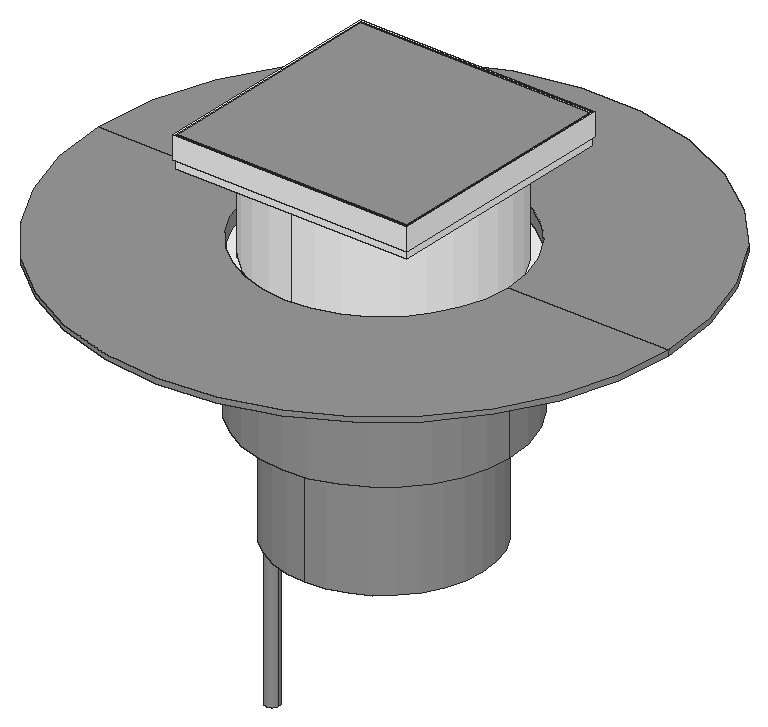
Revit family "HL_RU_Roof drain_HL62.1BF-B-221103", category Instalační zařizovací předměty, Revit 2021
Family settings
  Kóta kulaté spojky = Použít průměr
  Typ dílu = Normální
  Číslo OmniClass = 23.70.50.21.24.14
  Nadpis OmniClass = Deck Waste Water Drains
  Založené na pracovní rovině = Ne
  Vždy vertikální = Ano
  Ořezat dutým tvarem při načtení = Ne
  Sdílené = Ne
  Bod výpočtu místnosti = Ano
Parameters (values of type "HL_Кровельная воронка_HL62.1BF_2")
  РЕШЁТКА = "Edelstahl 137x137mm"
  РАЗМЕР = "DN125"
  ПРОПУСКНАЯ СПОСОБНОСТЬ [instance] = 0.0 L/s
  ПРОИЗВОДИТЕЛЬНОСТЬ = "6,0 l/s"
  ПРАВОВАЯ ИНФОРМАЦИЯ = "Авторские права(©), права на дизайн или какие либо другие права интелектуальной собственности являются исключительной собственностью компании HL Hutterer & Lechner. Изменению не подлежит. Файл семейства с данными о прозводителе изделия защищен паролем с водяным знаком."
  НОМИНАЛЬНЫЙ ДИАМЕТР = 125 mm
  НАСАДКА = "19-65mm/148x148mm"
  МАТЕРИАЛ = "PP"
  МАКСИМАЛЬНАЯ НАГРУЗКА КЛАССА = "K - 300 kg"
  ВЕС = "1,06 [kg]"
  Výchozí výška = 0 mm
  Výrobce = "HL Hutterer & Lechner GmbH"  # constant formula
  URL = "http://www.hutterer-lechner.com/ru/products/catalog/roof-drains/HL62.1BF/2.aspx"
  Материал плитка [instance] = none
  Přípoj ventilace = no
  Přípoj odpadních dílů = yes
  Přípoj HW = no
  Přípoj CW = no
  Popis = "Кровельные воронки"
  Model = "HL62.1BF_2"
  Assembly Code = " "
  Komentáře k typům = "HL62.1BF/2 Кровельная воронка DN125 для эксплуатируемой кровли, вертикальный выпуск, с ПП_фланцем и электрообогревом (10_30W/230V),"
  Keynote = "HL62.1BF_2"
  EAN = "9003076031887"
  Bысота монтажа [instance] = 65 mm  # constant formula
  G [instance] = 180.00°  # constant formula
  D [instance] = if(НОМИНАЛЬНЫЙ ДИАМЕТР = 75 mm, 116 mm, if(НОМИНАЛЬНЫЙ ДИАМЕТР = 110 mm, 60 mm, if(НОМИНАЛЬНЫЙ ДИАМЕТР = 125 mm, 67 mm, 0 mm))) + Bысота монтажа  # 132 mm
  C [instance] = if(Bысота монтажа - 68 mm < 0 mm, 0 mm, Bысота монтажа - 68 mm)  # 0 mm
  B [instance] = 100 mm  # constant formula
  A [instance] = if(B - 100 mm > 15 mm, B - 100 mm, 15 mm)  # 15 mm
Types (4, lengths in mm): name | РАЗМЕР | НОМИНАЛЬНЫЙ ДИАМЕТР | ВЕС | URL | Model | Komentáře k typům | Keynote | EAN | D
  (no name) | "DN75" | 75 | "1,14 [kg]" | "http://www.hutterer-lechner.com/ru/products/catalog/roof-drains/HL62.1BF/7.aspx" | "HL62.1BF_7" | "HL62.1BF/7 Кровельная воронка DN75 для эксплуатируемой кровли, вертикальный выпуск, с ПП_фланцем и электрообогревом (10_30W/230V)," | "HL62.1BF_7" | "9003076031849" | 181
  HL_Кровельная воронка_HL62.1BF_1 | "DN110" | 110 | "1,04 [kg]" | "http://www.hutterer-lechner.com/ru/products/catalog/roof-drains/HL62.1BF/1.aspx" | "HL62.1BF_1" | "HL62.1BF/1 Кровельная воронка DN110 для эксплуатируемой кровли, вертикальный выпуск, с ПП_фланцем и электрообогревом (10_30W/230V)," | "HL62.1BF_1" | "9003076031863" | 125
  HL_Кровельная воронка_HL62.1BF_2 | "DN125" | 125 | "1,06 [kg]" | "http://www.hutterer-lechner.com/ru/products/catalog/roof-drains/HL62.1BF/2.aspx" | "HL62.1BF_2" | "HL62.1BF/2 Кровельная воронка DN125 для эксплуатируемой кровли, вертикальный выпуск, с ПП_фланцем и электрообогревом (10_30W/230V)," | "HL62.1BF_2" | "9003076031887" | 132
  HL_Кровельная воронка_HL62.1BF_7 | "DN75" | 75 | "1,14 [kg]" | "http://www.hutterer-lechner.com/ru/products/catalog/roof-drains/HL62.1BF/7.aspx" | "HL62.1BF_7" | "HL62.1BF/7 Кровельная воронка DN75 для эксплуатируемой кровли, вертикальный выпуск, с ПП_фланцем и электрообогревом (10_30W/230V)," | "HL62.1BF_7" | "9003076031849" | 181
Reference planes
  plane 1 "Center (Front/Back)": y = 0
  plane 2: z = 0
  plane 3 "Center (Left/Right)": x = 0
  plane 4: z = -100
  plane 5: z = -65
Lines and regions (mm)
  model lines, style "InvisibleLines"
    curve 1: line (0, 0, 0) -> (0, 0, 20)
  model lines, style "PlumbingFixtures", detail levels coarse+medium
    curve 2: line (0, 0, -100) -> (0, 0, -85)
    curve 3: line (0, 0, -85) -> (-85, 0, 0)
    curve 4: line (0, 0, -85) -> (85, 0, 0)
    curve 6: line (0, 0, -100) -> (0, 0, -232)
  reference lines, not visible
    curve 5: line (0, 0, -100) -> (0, 0, -232)
  symbolic lines, style "PlumbingFixtures", detail levels coarse+medium
    curve 7: line (-75, 75, 0) -> (75, 75, 0)
    curve 8: line (-75, -75, 0) -> (-75, 75, 0)
    curve 9: line (75, -75, 0) -> (-75, -75, 0)
    curve 10: line (75, 75, 0) -> (75, -75, 0)
    curve 11: line (-75, 75, 0) -> (-145.711, 145.711, 0)
    curve 12: line (75, 75, 0) -> (145.711, 145.711, 0)
    curve 13: line (-75, -75, 0) -> (-145.711, -145.711, 0)
    curve 14: line (75, -75, 0) -> (145.711, -145.711, 0)
  symbolic lines, style "PlumbingFixtures", not visible, detail levels coarse+medium
    curve 15: line (-75, 75, 0) -> (75, 75, 0)
    curve 16: line (-75, -75, 0) -> (-75, 75, 0)
    curve 17: line (75, -75, 0) -> (-75, -75, 0)
    curve 18: line (75, 75, 0) -> (75, -75, 0)
    curve 19: line (-75, 75, 0) -> (-145.711, 145.711, 0)
    curve 20: line (75, 75, 0) -> (145.711, 145.711, 0)
    curve 21: line (-75, -75, 0) -> (-145.711, -145.711, 0)
    curve 22: line (75, -75, 0) -> (145.711, -145.711, 0)
Text (mm)
  text "FLOOR" at (-162.344, 0, -10.979), in view "Drain Construction View"
Dimensions and locks
  "B": plane 2 to plane 4
  "Bысота монтажа": plane 2 to plane 5
  "A": curve 4 to plane 4
  "D": curve 5 to curve 5
  "D": curve 6 to curve 6
  locked: curve 4 to plane 3 "Center (Left/Right)" (angle 45.00°)
  locked: plane 3 "Center (Left/Right)" to curve 3 (angle 45.00°)
  "G": angle curve 5 to plane 3 "Center (Left/Right)"
  aligned and locked: level to plane 2
  aligned and locked: plane 2 to curve 4
  aligned and locked: plane 2 to curve 3
  aligned and locked: plane 4 to curve 5
  aligned and locked: plane 3 "Center (Left/Right)" to curve 5
  aligned and locked: plane 4 to curve 2
  aligned and locked: curve 6 to plane 3 "Center (Left/Right)"
  aligned and locked: curve 6 to plane 4
  aligned and locked: plane 2 to nested 1
  aligned and locked: plane 3 "Center (Left/Right)" to nested 1
  aligned and locked: nested 2 to plane 3 "Center (Left/Right)"
  aligned and locked: nested 2 to plane 5
Automatic sketch dimensions
  curve 2 to plane 3 "Center (Left/Right)" = 0 mm
  curve 1 to plane 3 "Center (Left/Right)" = 0 mm
  curve 1 to level = 0 mm
  level to curve 1 = 20 mm
Nested families
  nested 1: "HL_Насадка_HL66.9S" at (0, 0, 0), Bысота монтажа <- "Bысота монтажа", type "HL_Grate frame_HL66.9S"
    with L 93 mm, IHmin 12 mm, IHmax 65 mm, Bысота монтажа 65 mm
  nested 2: "HL_кровельные воронки - корпус_HL62.1F" at (0, 0, -65), НОМИНАЛЬНЫЙ ДИАМЕТР <- "НОМИНАЛЬНЫЙ ДИАМЕТР", type "HL_кровельные воронки - корпус_HL62.1F"
    with НОМИНАЛЬНЫЙ ДИАМЕТР 125 mm, OOD 71 mm, L 71 mm, A 125 mm
Connectors
  piping at (0, 0, -232), diameter 125, driven by "ПРОПУСКНАЯ СПОСОБНОСТЬ", driven by "НОМИНАЛЬНЫЙ ДИАМЕТР"
    settings: on curve 5, index 1, connector inside diameter 609.6 mm, connector length 0 mm, flow factor 0, pipe flow 0.0 L/s, pressure drop 0.0 Pa, fitting loss kfactor 0, connector angle 0.00°, fixture units 0, engagement length 0 mm, angle of deflection 0.00°, flow configuration 1, flow direction 2, fitting loss method 0, system type 16, joint type 0, gender type 0, connector reference index -1, connector utility 0, adjustable connector yes, is connector primary yes, connector description ""
Definition of nested family "HL_Насадка_HL66.9S"
  Parameters (values of type "HL_Grate frame_HL66.9S")
    РЕШЁТКА = "Edelstahl 138x138mm"
    РАЗМЕР = "d 145 mm"
    ПРАВОВАЯ ИНФОРМАЦИЯ = "Авторские права(©), права на дизайн или какие либо другие права интелектуальной собственности являются исключительной собственностью компании HL Hutterer & Lechner. Изменению не подлежит. Файл семейства с данными о прозводителе изделия защищен паролем с водяным знаком."
    НАСАДКА = "147x147mm"
    МАТЕРИАЛ = "PP"
    МАКСИМАЛЬНАЯ НАГРУЗКА КЛАССА = "K - 300 kg"
    ВЫСОТА МОНТАЖА = "12-65mm"
    Материал плитка = none
    ВЕС = "0,345 [kg]"
    Default Elevation = 0 mm
    L [instance] = if(Bысота монтажа < IHmin, -100 mm, if(Bысота монтажа > IHmax, -100 mm, Bысота монтажа + 28 mm))  # 93 mm
    Manufacturer = "HL Hutterer & Lechner GmbH"
    URL = "http://www.hutterer-lechner.com/ru/products/catalog/roof-drains/HL66.9.aspx"
    Description = "Кровельные воронки"
    Model = "HL66.9"
    Type Comments = "HL66.9, Насадка d 145мм с бороздками/147х147мм/138х138мм"
    Keynote = "HL66.9"
    Bысота монтажа [instance] = 65 mm
    IHmin [instance] = 12 mm
    IHmax [instance] = 65 mm
    EAN = "9003076014606"
    Cost = 0
  Reference planes
    plane 1 "Střed (vpředu/vzadu)": y = 0
    plane 2: z = 0
    plane 3 "Střed (vlevo/vpravo)": x = 0
  Forms (mm)
    Revolve 1, solid, detail levels fine
      sketch origin (0, 0, 128) x (0, 1, 0) y (0, 0, 1)
        loop
          line (72.5, -142) -> (69.248, -142) -> (69.248, -221) -> (72.5, -221) -> (72.5, -142)
        axis (0, -142) -> (0, -221)
      angle from 0 to 360
    Extrusion 2, solid, detail levels fine
      sketch origin (-1.537, 0, -14.6) x (0, 1, 0) y (-1, 0, 0)
        loop
          line (74, 72.459) -> (-74, 72.459) -> (-74, -75.537) -> (74, -75.537) -> (74, 72.459)
        loop
          line (73, 71.463) -> (-73, 71.463) -> (-73, -74.537) -> (73, -74.537) -> (73, 71.463)
      from 0.6 to 14.6
    Extrusion 3, solid, detail levels fine
      sketch origin (-1.537, 0, -14) x (-1, 0, 0) y (0, 1, 0)
        loop
          line (71.463, 73) -> (-74.537, 73) -> (-74.537, -73) -> (71.463, -73) -> (71.463, 73)
        loop
          circle (-1.537, 0) r 72.5
      from 0 to 5
    Extrusion 4, solid, detail levels fine
      sketch origin (-1.537, 0, -14) x (-1, 0, 0) y (0, -1, 0)
        loop
          line (70.95, -72.397) -> (70.95, 72.463) -> (-74.05, 72.463) -> (-74.05, -72.397) -> (70.95, -72.397)
      from 0 to 14
    Revolve 5, solid, detail levels fine
      sketch origin (0, 75.989, -93) x (0, -1, 0) y (0, 0, -1)
        loop
          line (3.489, -20) -> (3.489, 0) -> (0.186, 0) -> (-2.325, -2.511) -> (-2.325, -20) -> (3.489, -20)
        axis (75.989, -20) -> (75.989, 0)
      angle from 0 to 360
  Lines and regions (mm)
    model lines, detail levels fine
      curve 1: line (36.25, 24.325, 0) -> (36.25, -24.42, 0)
      curve 2: line (43.75, -24.42, 0) -> (43.75, 24.325, 0)
      curve 3: line (52.25, 40.306, 0) -> (52.25, -40.355, 0)
      curve 4: line (59.75, -40.355, 0) -> (59.75, 40.306, 0)
      curve 5: line (20.25, 8.588, 0) -> (20.25, -8.684, 0)
      curve 6: line (27.75, -8.684, 0) -> (27.75, 8.588, 0)
      curve 7: arc (27.75, 8.588, 0) -> (24, 12.338, 0) -> (20.25, 8.588, 0) r 3.75
      curve 8: arc (20.25, -8.684, 0) -> (24, -12.434, 0) -> (27.75, -8.684, 0) r 3.75
      curve 9: arc (36.25, -24.42, 0) -> (40, -28.17, 0) -> (43.75, -24.42, 0) r 3.75
      curve 10: arc (43.75, 24.325, 0) -> (40, 28.075, 0) -> (36.25, 24.325, 0) r 3.75
      curve 11: arc (59.75, 40.306, 0) -> (56, 44.056, 0) -> (52.25, 40.306, 0) r 3.75
      curve 12: arc (52.25, -40.355, 0) -> (56, -44.105, 0) -> (59.75, -40.355, 0) r 3.75
      curve 13: line (-24.325, -36.25, 0) -> (24.42, -36.25, 0)
      curve 14: line (24.42, -43.75, 0) -> (-24.325, -43.75, 0)
      curve 15: line (-40.306, -52.25, 0) -> (40.355, -52.25, 0)
      curve 16: line (40.355, -59.75, 0) -> (-40.306, -59.75, 0)
      curve 17: line (-8.588, -20.25, 0) -> (8.684, -20.25, 0)
      curve 18: line (8.684, -27.75, 0) -> (-8.588, -27.75, 0)
      curve 19: arc (-8.588, -27.75, 0) -> (-12.338, -24, 0) -> (-8.588, -20.25, 0) r 3.75
      curve 20: arc (8.684, -20.25, 0) -> (12.434, -24, 0) -> (8.684, -27.75, 0) r 3.75
      curve 21: arc (24.42, -36.25, 0) -> (28.17, -40, 0) -> (24.42, -43.75, 0) r 3.75
      curve 22: arc (-24.325, -43.75, 0) -> (-28.075, -40, 0) -> (-24.325, -36.25, 0) r 3.75
      curve 23: arc (-40.306, -59.75, 0) -> (-44.056, -56, 0) -> (-40.306, -52.25, 0) r 3.75
      curve 24: arc (40.355, -52.25, 0) -> (44.105, -56, 0) -> (40.355, -59.75, 0) r 3.75
      curve 25: line (36.25, -24.42, 0) -> (36.25, 24.325, 0)
      curve 26: line (43.75, 24.325, 0) -> (43.75, -24.42, 0)
      curve 27: line (52.25, -40.355, 0) -> (52.25, 40.306, 0)
      curve 28: line (59.75, 40.306, 0) -> (59.75, -40.355, 0)
      curve 29: line (20.25, -8.684, 0) -> (20.25, 8.588, 0)
      curve 30: line (27.75, 8.588, 0) -> (27.75, -8.684, 0)
      curve 31: arc (27.75, -8.588, 0) -> (24, -12.338, 0) -> (20.25, -8.588, 0) r 3.75
      curve 32: arc (20.25, 8.684, 0) -> (24, 12.434, 0) -> (27.75, 8.684, 0) r 3.75
      curve 33: arc (36.25, 24.42, 0) -> (40, 28.17, 0) -> (43.75, 24.42, 0) r 3.75
      curve 34: arc (43.75, -24.325, 0) -> (40, -28.075, 0) -> (36.25, -24.325, 0) r 3.75
      curve 35: arc (59.75, -40.306, 0) -> (56, -44.056, 0) -> (52.25, -40.306, 0) r 3.75
      curve 36: arc (52.25, 40.355, 0) -> (56, 44.105, 0) -> (59.75, 40.355, 0) r 3.75
      curve 37: line (24.42, -36.25, 0) -> (-24.325, -36.25, 0)
      curve 38: line (-24.325, -43.75, 0) -> (24.42, -43.75, 0)
      curve 39: line (40.355, -52.25, 0) -> (-40.306, -52.25, 0)
      curve 40: line (-40.306, -59.75, 0) -> (40.355, -59.75, 0)
      curve 41: line (8.684, -20.25, 0) -> (-8.588, -20.25, 0)
      curve 42: line (-8.588, -27.75, 0) -> (8.684, -27.75, 0)
      curve 43: arc (8.588, -27.75, 0) -> (12.338, -24, 0) -> (8.588, -20.25, 0) r 3.75
      curve 44: arc (-8.684, -20.25, 0) -> (-12.434, -24, 0) -> (-8.684, -27.75, 0) r 3.75
      curve 45: arc (-24.42, -36.25, 0) -> (-28.17, -40, 0) -> (-24.42, -43.75, 0) r 3.75
      curve 46: arc (24.325, -43.75, 0) -> (28.075, -40, 0) -> (24.325, -36.25, 0) r 3.75
      curve 47: arc (40.306, -59.75, 0) -> (44.056, -56, 0) -> (40.306, -52.25, 0) r 3.75
      curve 48: arc (-40.355, -52.25, 0) -> (-44.105, -56, 0) -> (-40.355, -59.75, 0) r 3.75
      curve 49: line (-36.25, 24.325, 0) -> (-36.25, -24.325, 0)
      curve 50: line (-43.75, -24.325, 0) -> (-43.75, 24.325, 0)
      curve 51: line (-52.25, 40.306, 0) -> (-52.25, -40.306, 0)
      curve 52: line (-59.75, -40.306, 0) -> (-59.75, 40.306, 0)
      curve 53: line (-20.25, 8.588, 0) -> (-20.25, -8.588, 0)
      curve 54: line (-27.75, -8.684, 0) -> (-27.75, 8.588, 0)
      curve 55: arc (-27.75, 8.588, 0) -> (-24, 12.338, 0) -> (-20.25, 8.588, 0) r 3.75
      curve 56: arc (-20.25, -8.684, 0) -> (-24, -12.434, 0) -> (-27.75, -8.684, 0) r 3.75
      curve 57: arc (-43.75, 24.325, 0) -> (-40, 28.075, 0) -> (-36.25, 24.325, 0) r 3.75
      curve 58: arc (-59.75, 40.306, 0) -> (-56, 44.056, 0) -> (-52.25, 40.306, 0) r 3.75
      curve 59: line (-36.25, -24.325, 0) -> (-36.25, 24.325, 0)
      curve 60: line (-43.75, 24.325, 0) -> (-43.75, -24.325, 0)
      curve 61: line (-52.25, -40.306, 0) -> (-52.25, 40.306, 0)
      curve 62: line (-59.75, 40.306, 0) -> (-59.75, -40.306, 0)
      curve 63: line (-20.25, -8.588, 0) -> (-20.25, 8.588, 0)
      curve 64: line (-27.75, 8.588, 0) -> (-27.75, -8.684, 0)
      curve 65: arc (-27.75, -8.588, 0) -> (-24, -12.338, 0) -> (-20.25, -8.588, 0) r 3.75
      curve 66: arc (-20.25, 8.684, 0) -> (-24, 12.434, 0) -> (-27.75, 8.684, 0) r 3.75
      curve 67: arc (-36.25, 24.42, 0) -> (-40, 28.17, 0) -> (-43.75, 24.42, 0) r 3.75
      curve 68: arc (-43.75, -24.325, 0) -> (-40, -28.075, 0) -> (-36.25, -24.325, 0) r 3.75
      curve 69: arc (-59.75, -40.306, 0) -> (-56, -44.056, 0) -> (-52.25, -40.306, 0) r 3.75
      curve 70: arc (-52.25, 40.355, 0) -> (-56, 44.105, 0) -> (-59.75, 40.355, 0) r 3.75
      curve 71: line (-24.42, 36.25, 0) -> (24.325, 36.25, 0)
      curve 72: line (24.42, 43.75, 0) -> (-24.42, 43.75, 0)
      curve 73: line (-40.355, 52.25, 0) -> (40.306, 52.25, 0)
      curve 74: line (40.306, 59.75, 0) -> (-40.355, 59.75, 0)
      curve 75: line (-8.588, 20.25, 0) -> (8.588, 20.25, 0)
      curve 76: line (8.684, 27.75, 0) -> (-8.588, 27.75, 0)
      curve 77: arc (-8.588, 27.75, 0) -> (-12.338, 24, 0) -> (-8.588, 20.25, 0) r 3.75
      curve 78: arc (8.684, 20.25, 0) -> (12.434, 24, 0) -> (8.684, 27.75, 0) r 3.75
      curve 79: arc (24.42, 36.25, 0) -> (28.17, 40, 0) -> (24.42, 43.75, 0) r 3.75
      curve 80: line (24.325, 36.25, 0) -> (-24.42, 36.25, 0)
      curve 81: line (-24.42, 43.75, 0) -> (24.42, 43.75, 0)
      curve 82: line (40.306, 52.25, 0) -> (-40.355, 52.25, 0)
      curve 83: line (-40.355, 59.75, 0) -> (40.306, 59.75, 0)
      curve 84: line (8.588, 20.25, 0) -> (-8.588, 20.25, 0)
      curve 85: line (-8.588, 27.75, 0) -> (8.684, 27.75, 0)
      curve 86: arc (8.588, 27.75, 0) -> (12.338, 24, 0) -> (8.588, 20.25, 0) r 3.75
      curve 87: arc (-8.684, 20.25, 0) -> (-12.434, 24, 0) -> (-8.684, 27.75, 0) r 3.75
      curve 88: arc (-24.42, 36.25, 0) -> (-28.17, 40, 0) -> (-24.42, 43.75, 0) r 3.75
      curve 89: arc (24.325, 43.75, 0) -> (28.075, 40, 0) -> (24.325, 36.25, 0) r 3.75
      curve 90: arc (40.306, 59.75, 0) -> (44.056, 56, 0) -> (40.306, 52.25, 0) r 3.75
      curve 91: arc (-40.355, 52.25, 0) -> (-44.105, 56, 0) -> (-40.355, 59.75, 0) r 3.75
    reference lines
      curve 92: line (0, 75.989, -93) -> (0, -174.011, -93)
  Dimensions and locks
    Extrusion 2 sketch curve to Extrusion 2 sketch curve = 147.996 mm
    Extrusion 2 sketch curve to Extrusion 2 sketch curve = 148 mm
    "L": curve 92 to plane 2
    aligned and locked: level to plane 2
    aligned and locked: Revolve 1 to curve 92
  Automatic sketch dimensions
    plane 1 "Střed (vpředu/vzadu)" to Extrusion 2 sketch curve = 74 mm
    Extrusion 2 sketch curve to Extrusion 2 sketch curve = 1 mm  (x3)
    plane 3 "Střed (vlevo/vpravo)" to Extrusion 2 sketch curve = 74 mm
    Extrusion 2 sketch curve to Extrusion 2 sketch curve = 0.996 mm
    Extrusion 3 sketch curve to Extrusion 2 = 0 mm  (x4)
    Extrusion 3 sketch curve to Extrusion 2 = 73 mm  (x2)
    Extrusion 2 to curve 16 = 13.25 mm
    curve 24 to curve 47 = 3.75 mm
    curve 47 to curve 24 = 0 mm
    curve 48 to curve 23 = 0 mm  (x2)
    curve 23 to curve 38 = 8.5 mm
    curve 24 to curve 12 = 11.895 mm
    curve 12 to curve 35 = 0.048 mm
    curve 15 to curve 69 = 11.944 mm
    curve 22 to curve 45 = 3.75 mm
    curve 21 to curve 46 = 3.75 mm
    curve 46 to curve 21 = 0 mm
    curve 22 to curve 18 = 8.5 mm
    curve 21 to curve 9 = 11.83 mm
    curve 13 to curve 49 = 11.925 mm
    curve 9 to curve 34 = 0.095 mm
    curve 18 to curve 19 = 3.75 mm
    curve 44 to curve 19 = 0 mm  (x2)
    curve 43 to curve 20 = 0 mm
    curve 20 to curve 5 = 11.566 mm
    curve 49 to curve 64 = 15.642 mm
    curve 8 to curve 31 = 0.095 mm
    curve 56 to curve 53 = 0.095 mm
    curve 65 to curve 64 = 17.177 mm
    curve 31 to curve 29 = 17.177 mm
    curve 7 to curve 32 = 0.095 mm
    curve 55 to curve 66 = 0.095 mm
    curve 32 to curve 84 = 11.566 mm
    curve 86 to curve 78 = 3.75 mm
    curve 86 to curve 78 = 0 mm
    curve 77 to curve 87 = 3.75 mm
    curve 87 to curve 77 = 0 mm  (x2)
    curve 66 to curve 60 = 15.642 mm
    curve 32 to curve 26 = 15.642 mm
    curve 10 to curve 33 = 0.095 mm
    curve 57 to curve 67 = 0.095 mm
    curve 33 to curve 71 = 11.83 mm
    curve 89 to curve 89 = 3.75 mm
    curve 88 to curve 88 = 3.75 mm
    curve 89 to curve 79 = 0 mm
    curve 33 to curve 11 = 15.886 mm
    curve 67 to curve 51 = 15.886 mm
    curve 58 to curve 70 = 0.048 mm
    curve 11 to curve 36 = 0.048 mm
    curve 70 to curve 73 = 11.895 mm
    curve 90 to curve 90 = 3.75 mm
    Extrusion 2 to curve 28 = 13.25 mm
    curve 4 to curve 11 = 3.75 mm
    curve 35 to curve 12 = 0 mm
    curve 36 to curve 11 = 0 mm
    curve 3 to curve 2 = 8.5 mm
    curve 3 to curve 39 = 11.895 mm
    curve 11 to curve 83 = 11.944 mm
    curve 24 to curve 47 = 0.048 mm
    curve 26 to curve 9 = 3.75 mm
    curve 33 to curve 10 = 0 mm
    curve 34 to curve 9 = 0 mm
    curve 34 to curve 30 = 8.5 mm
    curve 90 to curve 72 = 15.886 mm
    curve 1 to curve 21 = 11.83 mm
    curve 79 to curve 80 = 0.095 mm
    curve 21 to curve 46 = 0.095 mm
    curve 6 to curve 32 = 3.75 mm
    curve 6 to curve 8 = 3.75 mm
    curve 31 to curve 8 = 0 mm
    curve 29 to curve 17 = 11.566 mm
    curve 7 to curve 78 = 11.566 mm
    curve 78 to curve 86 = 0.095 mm
    curve 20 to curve 43 = 0.095 mm
    curve 43 to curve 41 = 17.177 mm
    curve 86 to curve 77 = 17.177 mm
    curve 19 to curve 44 = 0.095 mm
    curve 77 to curve 87 = 0.095 mm
    curve 87 to curve 53 = 11.566 mm
    curve 53 to curve 66 = 3.75 mm
    curve 55 to curve 66 = 0 mm
    curve 56 to curve 54 = 3.75 mm
    curve 65 to curve 56 = 0 mm
    curve 44 to curve 14 = 15.642 mm
    curve 22 to curve 45 = 0.095 mm
    curve 87 to curve 72 = 15.736 mm
    curve 45 to curve 59 = 11.83 mm
    curve 57 to curve 67 = 3.75 mm
    curve 68 to curve 68 = 3.75 mm
    curve 45 to curve 15 = 15.886 mm
    curve 23 to curve 48 = 0.048 mm
    curve 72 to curve 74 = 15.935 mm
    curve 91 to curve 51 = 11.895 mm
    curve 51 to curve 70 = 3.75 mm
    curve 51 to curve 69 = 3.75 mm
    curve 45 to curve 22 = 0 mm
    curve 36 to curve 28 = 0 mm
    curve 33 to curve 2 = 0 mm
    curve 32 to curve 30 = 0 mm
    curve 66 to curve 55 = 0 mm
    curve 67 to curve 57 = 0 mm
    curve 70 to curve 51 = 0 mm
    Extrusion 4 sketch curve to Extrusion 3 = 0.487 mm
    Extrusion 4 sketch curve to Extrusion 3 = 0.513 mm
    Extrusion 4 sketch curve to Extrusion 3 = 0.603 mm
    Extrusion 4 sketch curve to Extrusion 3 = 0.537 mm
    Revolve 1 sketch curve to plane 1 "Střed (vpředu/vzadu)" = 0 mm
    Revolve 1 sketch curve to level = 14 mm
    Revolve 1 sketch curve to plane 1 "Střed (vpředu/vzadu)" = 69.248 mm
    Revolve 1 sketch curve to Revolve 1 sketch curve = 3.252 mm
    Revolve 1 sketch curve to Revolve 1 sketch curve = 79 mm
    Revolve 1 sketch curve to Revolve 1 sketch curve = 17.5 mm
    level to Revolve 1 sketch curve = 144.5 mm
    Revolve 5 sketch curve to curve 92 = 0 mm
    Revolve 5 sketch curve to curve 92 = 2.325 mm
    curve 92 to Revolve 5 sketch curve = 0.186 mm
    curve 92 to Revolve 5 sketch curve = 3.489 mm
    Revolve 5 sketch curve to curve 92 = 2.511 mm
    Revolve 5 sketch curve to curve 92 = 20 mm
    curve 92 to Revolve 5 sketch curve = 75.989 mm
    Revolve 5 sketch curve to curve 92 = 393 mm
    curve 92 to Revolve 5 sketch curve = 207 mm
    plane 1 "Střed (vpředu/vzadu)" to curve 92 = 174.011 mm
    curve 92 to plane 1 "Střed (vpředu/vzadu)" = 75.989 mm
    radius of Extrusion 3 sketch curve = 72.5 mm
Definition of nested family "HL_кровельные воронки - корпус_HL62.1F"
  Parameters (values of type "HL_кровельные воронки - корпус_HL62.1F")
    НОМИНАЛЬНЫЙ ДИАМЕТР [instance] = 125 mm
    Default Elevation = 0 mm
    OOD [instance] = if(A = 75 mm, 47.5 mm, 71 mm)  # 71 mm
    Manufacturer = ""
    URL = ""
    Description = ""
    A [instance] = НОМИНАЛЬНЫЙ ДИАМЕТР  # 125 mm
    Model = ""
    L [instance] = if(A = 75 mm, 120 mm, if(A = 110 mm, 64 mm, if(A = 125 mm, 71 mm, 0 mm)))  # 71 mm
    Type Comments = ""
    Cost = 0
  Reference planes
    plane 1 "Střed (vpředu/vzadu)": y = 0
    plane 2: z = 0
    plane 3 "Střed (vlevo/vpravo)": x = 0
  Forms (mm)
    Revolve 1, solid, detail levels fine
      sketch origin (0, 0, 0) x (1, 0, 0) y (0, 0, 1)
        loop
          line (-180, -3) -> (-81.687, -3) -> (-81.687, -17.808) -> (-79.882, -20.934) -> (-79.882, -96) -> (0, -96) -> (0, -29.3) -> (-74.763, -29.3) -> (-74.763, -23.875) -> (-78.907, -16.698) -> (-78.907, 0) -> (-180, 0) -> (-180, -3)
        axis (0, 0) -> (0, -96)
      angle from 0 to 360
    Extrusion 2, solid, detail levels fine
      sketch origin (0, 0, -96) x (0, 1, 0) y (1, 0, 0)
        loop
          circle (0, 0) r 62.5
      from 0 to 71
    Sweep 3, solid, detail levels fine
      path in 3D
        loop
          line (-71, 0, -288.3) -> (-71, 0, -96)
      profile origin (-71, 0, -192.15) x (-1, 0, 0) y (0, -1, 0)
        loop
          circle (0, -0.708) r 4.23
  Cuts and joins
    joined: Revolve 1, Extrusion 2
  Lines and regions (mm)
    reference lines
      curve 1: line (-71, 0, -288.3) -> (-71, 0, -96)
      curve 3: line (-61, 0, -96) -> (119, 0, -96)
    sketch lines
      curve 2: line (-71, 0, -288.3) -> (-71, 0, -96)
  Dimensions and locks
    "OOD": plane 3 "Střed (vlevo/vpravo)" to curve 1
    "L": cut or joined group of Revolve 1, Extrusion 2 to cut or joined group of Revolve 1, Extrusion 2
    "A": diameter of Extrusion 2 sketch curve
    aligned and locked: level to plane 2
    aligned and locked: cut or joined group of Revolve 1, Extrusion 2 to curve 3
  Automatic sketch dimensions
    Revolve 1 sketch curve to level = 0 mm
    Revolve 1 sketch curve to plane 3 "Střed (vlevo/vpravo)" = 0 mm  (x2)
    Revolve 1 sketch curve to level = 23.875 mm
    Revolve 1 sketch curve to plane 3 "Střed (vlevo/vpravo)" = 74.763 mm
    Revolve 1 sketch curve to level = 16.698 mm
    Revolve 1 sketch curve to Revolve 1 sketch curve = 4.143 mm
    Revolve 1 sketch curve to level = 20.934 mm
    Revolve 1 sketch curve to Revolve 1 sketch curve = 0.976 mm
    Revolve 1 sketch curve to level = 17.808 mm
    Revolve 1 sketch curve to Revolve 1 sketch curve = 2.78 mm
    Revolve 1 sketch curve to level = 3 mm
    Revolve 1 sketch curve to Revolve 1 sketch curve = 98.313 mm
    Revolve 1 sketch curve to Revolve 1 sketch curve = 5.425 mm
    Revolve 1 sketch curve to Revolve 1 sketch curve = 66.7 mm
    level to Revolve 1 sketch curve = 295.621 mm
    Revolve 1 sketch curve to Revolve 1 sketch curve = 204 mm
    Sweep 3 sketch curve to Sweep 3 sketch curve = 0 mm  (x2)
    Sweep 3 sketch curve to profile plane = 0 mm
    Sweep 3 sketch curve to profile plane = 0.708 mm
    profile plane to Sweep 3 sketch curve = 4.23 mm
    curve 3 to curve 1 = 0 mm
    curve 3 to curve 1 = 190 mm
    curve 3 to curve 1 = 10 mm
    curve 1 to level = 288.3 mm
    curve 1 to level = 96 mm
    Extrusion 2 sketch curve to Revolve 1 = 0 mm
